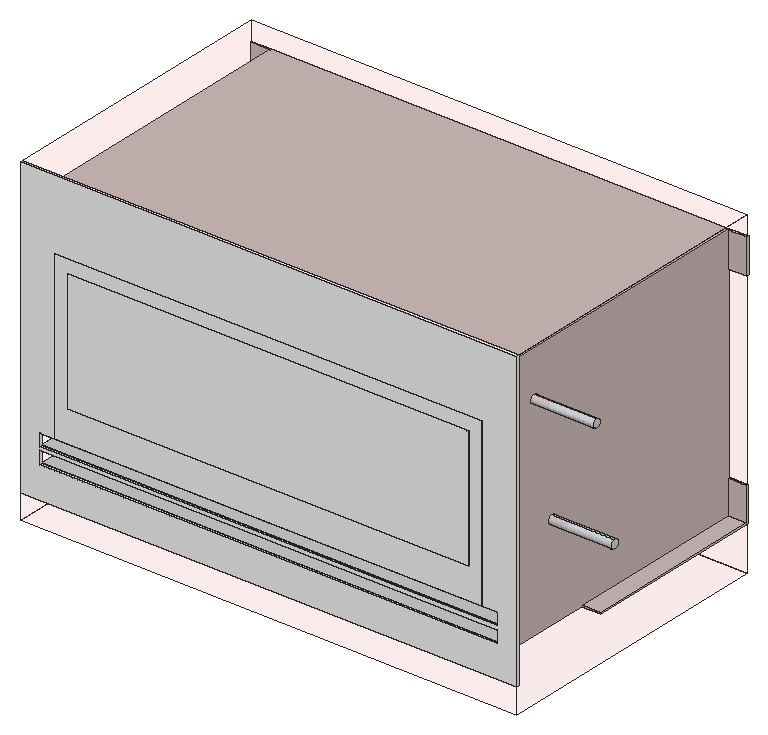
Revit family "Air-Curtain_Customer-Entry_PoweredAire_CLD-CHD-HWST", category Mechanical Equipment, host Face, Revit 2019
Family settings
  Host = Face
  Round Connector Dimension = Use Diameter
  Part Type = Normal
  OmniClass Number = 23.75.35.17.21
  OmniClass Title = Air Curtains
  Cut with Voids When Loaded = No
  Shared = No
  Room Calculation Point = No
Parameters
  upperpiperotation [instance] = if(Upper Pipe Connection Side A, 0.00°, 180.00°)  # 0.00°
  lowerpiperotation [instance] = if(Lower Pipe Connection Side A, 0.00°, 180.00°)  # 0.00°
  locateupperpipe [instance] = if(Upper Pipe Connection Side A, 0' 0", Nozzle Width)  # 0' - 0"
  locatelowerpipe [instance] = if(Lower Pipe Connection Side A, 0' 0", Nozzle Width)  # 0' - 0"
  Warranty Duration (Years) = 0
  Upper Pipe Connection Side A [instance] = yes
  Unit Width Notes = "Other Widths available."  # constant formula
  Unit Width = 3' - 3"
  Unit Weight = 0
  Unit Height = 1' - 10 3/4"
  Unit Depth = 1' - 11 1/4"
  URL = "http://www.poweredaire.com/"
  Test Data = ""
  Standards Conformance = "as Specified"
  Specification = "http://www.arcat.com/sdspecs/htm04/23_34_33pai.htm"
  SpecWizard = ""
  Sound Pressure = "as Specified"
  Sales Information = "http://www.poweredaire.com/contact_us"
  Revision = "R1_2016-08"
  Projection from Host [instance] = 0' - 2"
  Product Properties = ""
  Product Data = "http://www.arcat.com/arcatcos/cos47/arc47623.html"
  Power Rating = 0 W
  Piping_Water Flow [instance] = 0 GPM
  Piping_Operating Pressure [instance] = 0.00 psi
  Piping_Exit Temperature [instance] = 0 °F
  Piping_Entry Temperature [instance] = 0 °F
  Pipe OD [instance] = 5/8"
  Nozzle Width = if(1 = 1, Unit Width - 0' 3", 0' 0")  # 3' - 0"
  Mounting Width = if(1 = 1, Unit Width - 0' 1 1/2", 0' 0")  # 3' - 1 1/2"
  Mounting Height [instance] = 3' - 6"
  Motor RPM = 0
  Motor HP = 0
  Motor Count = 0
  Model = "As Specified"
  Max Height = 0' - 0"
  Manufacturer Website = "http://www.poweredaire.com/"
  Manufacturer Phone - Toll Free = "888-321-2473"
  Manufacturer Phone = "724-588-3305"
  Manufacturer Fax = "724-588-3371"
  Manufacturer Address = "109 Mortensen Rd.  Greenville, PA 16125"
  Manufacturer = "Powered Aire, Inc"
  Maintenance Schedule (Months) = 0
  Lower Pipe Connection Side A [instance] = yes
  Keynote = "23 34 33"
  Installation-Fabrication = ""
  Installation Phase = ""
  Include Clearance [instance] = yes
  Heating Element Load = 0 W
  HVAC_Temperature Rise = 0 °F
  HVAC_Outlet Volume = 0 CFM
  HVAC_Outlet Velocity Uniformity = 0
  HVAC_Outlet Velocity = 0 FPM
  HVAC_BTU Input = 0.0 Btu/h
  Green Building-LEED = "http://www.arcat.com/green/clients/leed_data_47623.html"
  Front Grating Material [instance] = Metal - Steel - PoweredAire - White Perforated
  Frame Finish [instance] = Metal - Steel - PoweredAire - Stainless 304
  Expected Lifespan (Years) = 0
  Electrical_Wattage [instance] = Power Rating + Heating Element Load  # 0 W
  Electrical_Voltage [instance] = 0 V
  Electrical_Phase [instance] = 1
  Electrical_Frequency [instance] = 0 Hz
  Electrical_Amperage [instance] = 0 A
  Drawn By = "Sumex Design, Inc. / Robert S. Weygant, CSI, CDT, SCIP"
  Description = "Powered Aire Air Curtain as Specified"
  Default Elevation = 0' - 0"  # constant formula
  Cover Finish [instance] = Metal - Steel - PoweredAire - White
  Copyright = "©Arcat Inc."
  Construction Details = "http://www.arcat.com/details/powair/prod3336.html"
  Clearance_Top [instance] = 0' - 0"
  Clearance_Side B [instance] = 0' - 0"
  Clearance_Side A [instance] = 0' - 0"
  Clearance_Intake [instance] = 0' - 0"
  Clearance_Front [instance] = 0' - 0"
  Clearance Material [instance] = ARCAT Clearance
  Building Codes = ""
  Available Options [instance] = "as Specified"
  Assembly Code = "D3090400"
Reference planes (in)
  plane 1 "Center (Elevation)": y = 11.51318
  plane 2: z = 0
  plane 3 "Center (Left/Right)": x = 0
  plane 4: y = 22.88818
  plane 5: y = 0.13818
  plane 6: x = -19.5
  plane 7: x = 19.5
  plane 8: z = 25.25
  plane 9 "FF": y = -41.86182
  plane 10: z = 2
  plane 11: x = 18
  plane 12: x = -18
  plane 13: y = 22.88818
  plane 14: y = 0.13818
  plane 15: x = -19.5
  plane 16: x = 19.5
  plane 17: z = 25.25
  plane 18: y = 0.38818
  plane 19: x = 18
  plane 20: x = 18
  plane 21: z = 20.25
  plane 22: z = 11
Forms (in)
  Extrusion 1, solid, material "ARCAT Clearance" <- "Clearance Material", visible <- "Include Clearance"
    sketch origin (0, 0, 0) x (0, 1, 0) y (0, 0, 1)
      loop
        line (0.13818, 25.25) -> (0.13818, 0) -> (22.88818, 0) -> (22.88818, 25.25) -> (0.13818, 25.25)
    from -19.5 to 19.5
  Extrusion 2, solid, material "Metal - Steel - PoweredAire - White" <- "Cover Finish"
    sketch origin (0, 11.51318, 0) x (1, 0, 0) y (0, 0, 1)
      loop
        line (-19.5, 25.25) -> (-19.5, 2) -> (19.5, 2) -> (19.5, 25.25) -> (-19.5, 25.25)
    from 11.125 to 11.375
  Extrusion 3, solid, material "Metal - Steel - PoweredAire - Stainless 304" <- "Frame Finish"
    sketch origin (0, 11.51318, 0) x (1, 0, 0) y (0, 0, 1)
      loop
        line (18, 23.75) -> (-18, 23.75) -> (-18, 3.5) -> (18, 3.5) -> (18, 23.75)
    from -11.375 to 11.125
  Extrusion 4, void
    sketch origin (0, 0, 0) x (0, 1, 0) y (0, 0, 1)
      loop
        line (0.13818, 5.5) -> (0.13818, 4.5) -> (1.88818, 4.5) -> (1.88818, 6.75) -> (0.13818, 6.75) -> (0.13818, 5.75) -> (1.63818, 5.75) -> (1.63818, 5.5) -> (0.13818, 5.5)
    from -18 to 18
  Extrusion 5, solid, material "Metal - Steel - PoweredAire - White" <- "Cover Finish"
    sketch origin (-11.83813, 0.13818, 48) x (-1, 0, 0) y (0, 0, 1)
      loop
        line (4.91187, -41.25) -> (4.91187, -28.25) -> (-28.58813, -28.25) -> (-28.58813, -41.25) -> (4.91187, -41.25)
    from 0 to -0.03125
  Extrusion 6, solid, material "Metal - Steel - PoweredAire - White Perforated" <- "Front Grating Material"
    sketch origin (-11.83813, 0.10693, 48) x (1, 0, 0) y (0, 0, 1)
      loop
        line (-3.91187, -29.25) -> (-3.91187, -38.75) -> (27.58813, -38.75) -> (27.58813, -29.25) -> (-3.91187, -29.25)
    from 0 to 0.03125
  Extrusion 7, solid, material "Metal - Steel - PoweredAire - Stainless 304" <- "Frame Finish"
    sketch origin (-15.17702, -180, 2) x (-1, 0, 0) y (0, -1, 0)
      loop
        line (-33.17702, -202.88818) -> (-33.17702, -188.38818) -> (-34.67702, -188.38818) -> (-34.67702, -202.88818) -> (-33.17702, -202.88818)
      loop
        line (2.82298, -202.88818) -> (4.32298, -202.88818) -> (4.32298, -188.38818) -> (2.82298, -188.38818) -> (2.82298, -202.88818)
    from 1.5 to 1.625
  Extrusion 8, solid, material "Metal - Steel - PoweredAire - Stainless 304" <- "Frame Finish"
    sketch origin (-11.83813, 22.88818, 48) x (-1, 0, 0) y (0, 0, 1)
      loop
        line (7.66187, -44.5) -> (7.66187, -41.75) -> (6.16187, -41.75) -> (6.16187, -44.5) -> (7.66187, -44.5)
      loop
        line (-31.33813, -44.5) -> (-29.83813, -44.5) -> (-29.83813, -41.75) -> (-31.33813, -41.75) -> (-31.33813, -44.5)
      loop
        line (7.66187, -27) -> (7.66187, -24.25) -> (6.16187, -24.25) -> (6.16187, -27) -> (7.66187, -27)
      loop
        line (-31.33813, -27) -> (-29.83813, -27) -> (-29.83813, -24.25) -> (-31.33813, -24.25) -> (-31.33813, -27)
    from 0 to -0.125
  Sweep 9, solid
    path origin (18, 11.51318, 20.25) x (1, 0, 0) y (0, 0, 1)
      loop
        line (0, 0) -> (5, 0)
    profile origin (20.5, 11.51318, 20.25) x (0, 0, 1) y (0, -1, 0)
      loop
        circle (0, 7.875) r 0.3125
  Sweep 10, solid
    path origin (18, 11.51318, 11) x (1, 0, 0) y (0, 0, 1)
      loop
        line (0, 0) -> (5, 0)
    profile origin (20.5, 11.51318, 11) x (0, 0, 1) y (0, -1, 0)
      loop
        circle (0, 6.125) r 0.3125
Cuts and joins
  Extrusion 4 cuts Extrusion 1
  Extrusion 4 cuts Extrusion 2
  Extrusion 4 cuts Extrusion 3
Lines and regions (in)
  reference lines
    curve 1: line (18, 11.51318, 20.25) -> (25.75, 11.51318, 20.25)
    curve 2: line (18, 11.51318, 11) -> (26.25, 11.51318, 11)
Dimensions and locks (in)
  equal spacing: plane 4, plane 1 "Center (Elevation)", plane 5
  "Unit Height": plane 4 to plane 5
  equal spacing: plane 6, plane 3 "Center (Left/Right)", plane 7
  "Unit Width": plane 6 to plane 7
  "Mounting Height": plane 5 to plane 9 "FF"
  "Projection from Host": plane 10 to level
  "Unit Depth": plane 8 to plane 10
  locked: plane 6 to plane 12 at 1.5
  locked: plane 11 to plane 7 at 1.5
  "Clearance_Side A": plane 7 to plane 16
  "Clearance_Side B": plane 15 to plane 6
  "Clearance_Top": plane 13 to plane 4
  "Clearance_Intake": plane 5 to plane 14
  "Clearance_Front": plane 17 to plane 8
  locked: plane 8 to Extrusion 3 sketch curve at 1.5
  locked: Extrusion 3 sketch curve to plane 10 at 1.5
  locked: plane 7 to Extrusion 3 sketch curve at 1.5
  locked: Extrusion 3 sketch curve to plane 6 at 1.5
  locked: plane 18 to plane 5 at 0.25
  Extrusion 4 sketch curve to Extrusion 4 sketch curve to Extrusion 4 sketch curve to Extrusion 4 sketch curve to plane 10 = 0' - 1" locked, 0' - 0 1/4" locked, 0' - 1" locked, 0' - 2 1/2" locked
  Extrusion 5 sketch curve to Extrusion 5 sketch curve to plane 10 = 1' - 1" locked, 0' - 4 3/4" locked
  locked: plane 11 to Extrusion 5 sketch curve at 1.25
  locked: Extrusion 5 sketch curve to plane 12 at 1.25
  Extrusion 6 sketch curve to Extrusion 6 sketch curve to plane 10 = 0' - 9 1/2" locked, 0' - 7 1/4" locked
  locked: Extrusion 6 sketch curve to plane 12 at 2.25
  locked: plane 11 to Extrusion 6 sketch curve at 2.25
  locked: plane 4 to Extrusion 7 sketch curve at 14.5  (x2)
  Extrusion 8 sketch curve to Extrusion 8 sketch curve to Extrusion 8 sketch curve to Extrusion 8 sketch curve to plane 10 = 0' - 2 3/4" locked, 1' - 2 3/4" locked, 0' - 2 3/4" locked, 0' - 1 1/2" locked  (x2)
  "locatelowerpipe": plane 19 to plane 11
  "locateupperpipe": plane 20 to plane 11
  locked: plane 8 to plane 21 at 5
  locked: plane 22 to plane 10 at 9
  locked: curve 1 to Sweep 9 sketch curve at 5
  locked: curve 1 to Sweep 9 sketch curve
  locked: curve 2 to Sweep 10 sketch curve at 5
  locked: curve 2 to Sweep 10 sketch curve
  locked: plane 5 to Sweep 9 sketch curve at 3.5
  locked: plane 5 to Sweep 10 sketch curve at 5.25
  "lowerpiperotation": angle plane 21 to curve 1
  "upperpiperotation": angle plane 22 to curve 2
  aligned and locked: plane 2 to host face
  aligned and locked: level to host face
  aligned and locked: Extrusion 1 sketch curve to plane 17
  aligned and locked: plane 14 to Extrusion 1 sketch curve
  aligned and locked: level to Extrusion 1 sketch curve
  aligned and locked: Extrusion 1 sketch curve to plane 13
  aligned and locked: plane 16 to Extrusion 1
  aligned and locked: Extrusion 1 to plane 15
  aligned and locked: Extrusion 2 sketch curve to plane 8
  aligned and locked: plane 6 to Extrusion 2 sketch curve
  aligned and locked: Extrusion 2 sketch curve to plane 10
  aligned and locked: Extrusion 2 sketch curve to plane 7
  aligned and locked: Extrusion 3 to plane 4
  aligned and locked: Extrusion 3 to plane 18
  aligned and locked: Extrusion 2 to plane 18
  aligned and locked: Extrusion 2 to plane 5
  aligned and locked: plane 11 to Extrusion 4
  aligned and locked: Extrusion 4 to plane 12
  aligned and locked: Extrusion 7 sketch curve to plane 4  (x2)
  aligned and locked: plane 20 to curve 2
  aligned and locked: plane 22 to curve 2
  aligned and locked: plane 19 to curve 1
  aligned and locked: plane 21 to curve 1
Automatic sketch dimensions
  host sketch curve to host sketch curve = 8' - 0"  (x2)
  Extrusion 4 sketch curve to plane 5 = 0' - 0"  (x2)
  plane 18 to Extrusion 4 sketch curve = 0' - 1 1/4"
  Extrusion 4 sketch curve to Extrusion 4 sketch curve = 0' - 0 1/4"
  Extrusion 7 sketch curve to plane 7 = 0' - 0"
  Extrusion 7 sketch curve to plane 11 = 0' - 0"
  Extrusion 7 sketch curve to plane 12 = 0' - 0"
  Extrusion 7 sketch curve to plane 6 = 0' - 0"
  Extrusion 8 sketch curve to plane 7 = 0' - 0"  (x2)
  Extrusion 8 sketch curve to plane 11 = 0' - 0"  (x2)
  Extrusion 8 sketch curve to plane 12 = 0' - 0"  (x2)
  Extrusion 8 sketch curve to plane 6 = 0' - 0"  (x2)
  profile plane to Sweep 9 sketch curve = 0' - 0"
  profile plane to Sweep 10 sketch curve = 0' - 0"
  radius of Sweep 9 sketch curve = 0' - 0 5/16"
  radius of Sweep 10 sketch curve = 0' - 0 5/16"
Connectors (in)
  electrical at (-18, 6.38818, 9.625), driven by "Electrical_Voltage", driven by "Electrical_Phase"
    settings: on cut or joined group of Extrusion 3, Extrusion 4, index 1, voltage 0 V, apparent load 0 VA, apparent load phase1 0 VA, apparent load phase2 0 VA, apparent load phase3 0 VA, power factor 1, load classification "Other", number of poles 1, system type 31, power factor state 1, is connector primary yes, connector utility no, sub classification motor no, connector description ""
  piping at (23, 3.63818, 20.25), diameter 0.625, driven by "Pipe OD"
    settings: on Sweep 9, index 2, connector inside diameter 24", connector length 0' - 0", flow factor 0, pipe flow 0 GPM, pressure drop 0.00 psi, fitting loss kfactor 0, connector angle 0.00°, fixture units 0, engagement length 0' - 0", angle of deflection 0.00°, flow configuration 0, flow direction 0, fitting loss method 0, system type 29, joint type 0, gender type 0, connector reference index -1, connector utility 0, adjustable connector no, is connector primary no, connector description "Define Supply or Return and Location"
  piping at (23, 5.38818, 11), diameter 0.625, driven by "Pipe OD"
    settings: on Sweep 10, index 3, connector inside diameter 24", connector length 0' - 0", flow factor 0, pipe flow 0 GPM, pressure drop 0.00 psi, fitting loss kfactor 0, connector angle 0.00°, fixture units 0, engagement length 0' - 0", angle of deflection 0.00°, flow configuration 0, flow direction 0, fitting loss method 0, system type 29, joint type 0, gender type 0, connector reference index -1, connector utility 0, adjustable connector no, is connector primary yes, connector description "Define Supply or Return and Location"
